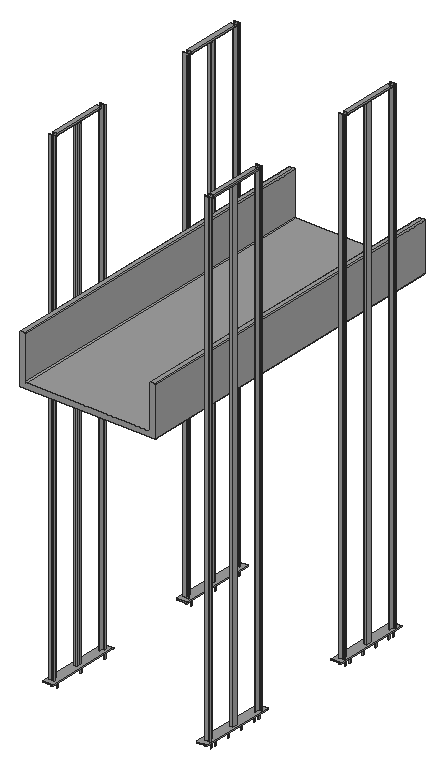
Revit family "SE_Trez_TC_4C_3000_With_Pit", category Specialty Equipment, Revit 2019
Family settings
  Round Connector Dimension = Use Diameter
  Part Type = Normal
  Work Plane-Based = No
  Always vertical = Yes
  Cut with Voids When Loaded = Yes
  Shared = No
  Room Calculation Point = No
Parameters (values of type "Platform-2000x5400mm with Door Height 2500mm")
  Shaft = TREZ_Shaft_Space
  Safe Working Load = 3000.00 kg  # constant formula
  Safe Space = if(Cabin or Platform = Cabin, 900.0 mm, if(and(Cabin or Platform = Platform, Door Clear Height > 1900.0 mm), 600.0 mm, 0.0 mm))  # 600.0 mm
  Platform = Speciality_Equipment_Trez_Platform : Platform
  Door Clear Width = Clear Width  # 2000.0 mm
  Door Clear Height = 2500.0 mm
  Clear Width = 2000.0 mm
  URL = "https://trez.bg/en/products/goods-only-lift-tc/tc-4c-four-cylinder-lift/"
  Shaft Width = Real Width + 2 * Clearance  # 2740.0 mm
  Shaft Depth = Real Depth + 100.0 mm  # 5500.0 mm
  Tower Cladding Material = TREZ_Steel_Cladding
  Real Width = if(Clear Width < 1300.0 mm, 1300.0 mm, if(Clear Width > 2000.0 mm, 2000.0 mm, Clear Width))  # 2000.0 mm
  Real Depth = if(Clear Depth < 2600.0 mm, 2600.0 mm, if(Clear Depth > 5400.0 mm, 5400.0 mm, Clear Depth))  # 5400.0 mm
  Profiles Material = TREZ_Steel
  Platform Material = TREZ_Steel
  Pit Height = 250.0 mm  # constant formula
  Travel = 4500.0 mm
  Rail Height = Travel + Pit Height + Headroom  # 7850.0 mm
  Model = "TC 4C 3000"
  Manufacturer = "TREZ Ltd."
  Headroom = Door Clear Height + Safe Space  # 3100.0 mm
  Description = "Hydraulic goods only lift with four cylinders. "  # constant formula
  Clear Depth = 5400.0 mm
  Created By URL = "https://all1studio.com/"
  Created By = "All 1 Studio Ltd."
  Clearance = 370.0 mm  # constant formula
  Cabin or Platform Back = no
  Cabin or Platform = Speciality_Equipment_Trez_Platform : Platform
  Cabin = Speciality_Equipment_Trez_Cabin : Cabin
Reference planes
  plane 1 "Center (Front/Back)": y = 0
  plane 2: z = 0
  plane 3 "Center (Left/Right)": x = 0
  plane 4: x = -1000
  plane 5: x = 1000
  plane 6: y = 2700
  plane 7: y = -2700
  plane 8: x = 1370
  plane 9: x = -1370
  plane 10: y = 2750
  plane 11: y = -2750
  plane 12: z = 4500
  plane 13 "Top of Lift": z = 7600
  plane 14 "Pit": z = -250
  plane 15: x = -1238.5
  plane 16: x = 1238.5
  plane 17: z = 7540
  plane 18: z = 40
  plane 19: z = -145
  plane 20: y = 1350
  plane 21: y = -1350
Forms (mm)
  Extrusion 1, void
    sketch origin (0, 0, 0) x (1, 0, 0) y (0, 1, 0)
      loop
        line (1370, 2750) -> (-1370, 2750) -> (-1370, -2750) -> (1370, -2750) -> (1370, 2750)
    from 0 to -250
Lines and regions (mm)
  symbolic lines, style "Platform"
    curve 1: line (-1000, 2700, 0) -> (1000, 2700, 0)
    curve 2: line (-1000, -2700, 0) -> (-1000, 2700, 0)
    curve 3: line (1000, -2700, 0) -> (-1000, -2700, 0)
    curve 4: line (1000, 2700, 0) -> (1000, -2700, 0)
    curve 5: line (-1000, 2700, 0) -> (1000, -2700, 0)
    curve 6: line (1000, 2700, 0) -> (-1000, -2700, 0)
  symbolic lines, style "Shaft Volume"
    curve 7: line (-1370, 2750, 0) -> (1370, 2750, 0)
    curve 8: line (-1370, -2750, 0) -> (-1370, 2750, 0)
    curve 9: line (1370, -2750, 0) -> (-1370, -2750, 0)
    curve 10: line (1370, 2750, 0) -> (1370, -2750, 0)
    curve 11: line (-1370, 0, 7600) -> (1370, 0, 7600)
    curve 12: line (-1370, 0, 0) -> (-1370, 0, 7600)
    curve 13: line (1370, 0, 0) -> (-1370, 0, 0)
    curve 14: line (1370, 0, 7600) -> (1370, 0, 0)
    curve 15: line (0, 2750, 7600) -> (0, -2750, 7600)
    curve 16: line (0, 2750, 0) -> (0, 2750, 7600)
    curve 17: line (0, -2750, 0) -> (0, 2750, 0)
    curve 18: line (0, -2750, 7600) -> (0, -2750, 0)
Dimensions and locks
  equal spacing: plane 4, plane 3 "Center (Left/Right)", plane 5
  "Real Width": plane 4 to plane 5
  equal spacing: plane 7, plane 1 "Center (Front/Back)", plane 6
  "Real Depth": plane 7 to plane 6
  "Travel": plane 12 to level
  "Pit Height": level to plane 14 "Pit"
  "Headroom": plane 13 "Top of Lift" to plane 12
  locked: plane 13 "Top of Lift" to plane 17 at 60
  locked: plane 18 to level at 40
  locked: level to plane 19 at 145
  locked: plane 7 to plane 11 at 50
  locked: plane 6 to plane 10 at 50
  locked: plane 9 to plane 15 at 131.5
  locked: plane 16 to plane 8 at 131.5
  "Clearance": plane 5 to plane 8
  "Clearance": plane 9 to plane 4
  equal spacing: plane 1 "Center (Front/Back)", plane 20, plane 6
  equal spacing: plane 7, plane 21, plane 1 "Center (Front/Back)"
  aligned and locked: level to plane 2
  aligned and locked: Extrusion 1 to plane 14 "Pit"
  aligned and locked: plane 1 "Center (Front/Back)" to nested 1
  aligned and locked: nested 1 to plane 3 "Center (Left/Right)"
  aligned and locked: plane 12 to nested 1
  aligned and locked: plane 10 to curve 7
  aligned and locked: curve 8 to plane 9
  aligned and locked: plane 11 to curve 9
  aligned and locked: curve 10 to plane 8
  aligned and locked: curve 11 to plane 13 "Top of Lift"
  aligned and locked: plane 9 to curve 12
  aligned and locked: level to curve 13
  aligned and locked: plane 8 to curve 14
  aligned and locked: plane 13 "Top of Lift" to curve 15
  aligned and locked: curve 16 to plane 10
  aligned and locked: curve 17 to level
  aligned and locked: curve 18 to plane 11
  aligned and locked: Extrusion 1 sketch curve to plane 10
  aligned and locked: Extrusion 1 sketch curve to plane 8
  aligned and locked: Extrusion 1 sketch curve to plane 11
  aligned and locked: Extrusion 1 sketch curve to plane 9
  aligned and locked: plane 15 to nested 2
  aligned and locked: nested 3 to plane 16
  aligned and locked: plane 21 to nested 3
  aligned and locked: nested 2 to plane 21
  aligned and locked: nested 5 to plane 16
  aligned and locked: plane 15 to nested 4
  aligned and locked: nested 5 to plane 20
  aligned and locked: plane 20 to nested 4
  aligned and locked: plane 14 "Pit" to nested 3
  aligned and locked: nested 2 to plane 14 "Pit"
  aligned and locked: nested 4 to plane 14 "Pit"
  aligned and locked: plane 14 "Pit" to nested 5
Automatic sketch dimensions
  curve 3 to plane 4 = 0.0 mm
  curve 4 to plane 5 = 0.0 mm
  curve 3 to plane 7 = 0.0 mm
  plane 6 to curve 2 = 0.0 mm
Nested families
  nested 1: "Speciality_Equipment_Trez_Platform" at (0, 0, 4500), type <- "Cabin or Platform", type "Platform"
    with Width 2000.0 mm, Depth 5400.0 mm, Back Board no
  nested 2: "Generic_Model_Trez_Rails" at (-1238.5, -1350, -250), type "Rails"
    with Height 7850.0 mm
  nested 3: "Generic_Model_Trez_Rails" at (1238.5, -1350, -250) x (-1, 0, 0) z (0, 0, 1), type "Rails"
    with Height 7850.0 mm
  nested 4: "Generic_Model_Trez_Rails" at (-1238.5, 1350, -250), type "Rails"
    with Height 7850.0 mm
  nested 5: "Generic_Model_Trez_Rails" at (1238.5, 1350, -250) x (-1, 0, 0) z (0, 0, 1), type "Rails"
    with Height 7850.0 mm
Definition of nested family "Speciality_Equipment_Trez_Platform"
  Parameters (values of type "Speciality_Equipment_Trez_Platform")
    Width = 3600.0 mm
    Platform Material = none
    Depth = 2900.0 mm
    Back Board = yes
  Reference planes
    plane 1 "Center (Front/Back)": y = 0
    plane 2 "Bottom": z = 0
    plane 3 "Center (Left/Right)": x = 0
    plane 4: x = 1800
    plane 5: x = -1800
    plane 6: y = 1450
    plane 7: y = -1450
    plane 8: x = -1889
    plane 9: x = 1889
    plane 10: y = 1485
    plane 11: z = -89
    plane 12: z = 709
  Forms (mm)
    Extrusion 1, solid, material <- "Platform Material", visible <- "Back Board"
      sketch origin (0, 0, 0) x (1, 0, 0) y (0, 1, 0)
        loop
          line (-1889, 1485) -> (-1889, 1450) -> (1889, 1450) -> (1889, 1485) -> (-1889, 1485)
      from 0 to 709
    Extrusion 2, solid, material <- "Platform Material", detail levels coarse+medium
      sketch origin (0, 0, 0) x (1, 0, 0) y (0, 0, 1)
        loop
          line (-1800, 709) -> (-1889, 709) -> (-1889, -89) -> (1889, -89) -> (1889, 709) -> (1800, 709) -> (1800, 0) -> (-1800, 0) -> (-1800, 709)
      from -1450 to 1450
    Extrusion 3, solid, material <- "Platform Material", detail levels fine
      sketch origin (0, 0, 0) x (1, 0, 0) y (0, 0, 1)
        loop
          arc (-1874, 709) -> (-1884.607, 704.607) -> (-1889, 694) r 15
          line (-1889, 694) -> (-1889, -74)
          arc (-1889, -74) -> (-1884.607, -84.607) -> (-1874, -89) r 15
          line (-1874, -89) -> (1874, -89)
          arc (1874, -89) -> (1884.607, -84.607) -> (1889, -74) r 15
          line (1889, -74) -> (1889, 694)
          arc (1889, 694) -> (1884.607, 704.607) -> (1874, 709) r 15
          line (1874, 709) -> (1815, 709)
          arc (1815, 709) -> (1804.393, 704.607) -> (1800, 694) r 15
          line (1800, 694) -> (1800, 15)
          arc (1800, 15) -> (1795.607, 4.393) -> (1785, 0) r 15
          line (1785, 0) -> (-1785, 0)
          arc (-1785, 0) -> (-1795.607, 4.393) -> (-1800, 15) r 15
          line (-1800, 15) -> (-1800, 694)
          arc (-1800, 694) -> (-1804.393, 704.607) -> (-1815, 709) r 15
          line (-1815, 709) -> (-1874, 709)
      from -1450 to 1450
  Dimensions and locks
    equal spacing: plane 5, plane 3 "Center (Left/Right)", plane 4
    "Width": plane 5 to plane 4
    equal spacing: plane 7, plane 1 "Center (Front/Back)", plane 6
    "Depth": plane 6 to plane 7
    locked: plane 8 to plane 5 at 89
    locked: plane 4 to plane 9 at 89
    locked: plane 10 to plane 6 at 35
    locked: plane 2 "Bottom" to plane 11 at 89
    locked: plane 12 to plane 2 "Bottom" at 709
    aligned and locked: level to plane 2 "Bottom"
    aligned and locked: Extrusion 1 sketch curve to plane 10
    aligned and locked: plane 8 to Extrusion 1 sketch curve
    aligned and locked: plane 5 to Extrusion 2 sketch curve
    aligned and locked: plane 8 to Extrusion 2 sketch curve
    aligned and locked: Extrusion 2 sketch curve to plane 9
    aligned and locked: Extrusion 2 sketch curve to plane 4
    aligned and locked: Extrusion 2 sketch curve to plane 2 "Bottom"
    aligned and locked: Extrusion 2 sketch curve to plane 11
    aligned and locked: Extrusion 2 sketch curve to plane 12
    aligned and locked: Extrusion 2 to plane 6
    aligned and locked: Extrusion 2 to plane 7
    aligned and locked: Extrusion 3 sketch curve to plane 12
    aligned and locked: plane 8 to Extrusion 3 sketch curve
    aligned and locked: plane 5 to Extrusion 3 sketch curve
    aligned and locked: Extrusion 3 sketch curve to plane 4
    aligned and locked: Extrusion 3 sketch curve to plane 9
    aligned and locked: Extrusion 3 sketch curve to plane 2 "Bottom"
    aligned and locked: Extrusion 3 sketch curve to plane 11
    aligned and locked: Extrusion 3 to plane 7
    aligned and locked: Extrusion 3 to plane 6
  Automatic sketch dimensions
    plane 12 to Extrusion 2 sketch curve = 0.0 mm
    Extrusion 1 sketch curve to plane 6 = 0.0 mm
    Extrusion 1 sketch curve to plane 9 = 0.0 mm
    Extrusion 3 sketch curve to plane 12 = 0.0 mm
    Extrusion 3 sketch curve to Extrusion 3 sketch curve = 15.0 mm  (x4)
    plane 5 to Extrusion 3 sketch curve = 15.0 mm
    Extrusion 3 sketch curve to plane 4 = 15.0 mm
    plane 4 to Extrusion 3 sketch curve = 15.0 mm
    Extrusion 3 sketch curve to plane 9 = 15.0 mm
Definition of nested family "Generic_Model_Trez_Rails"
  Parameters (values of type "SE_Trez_Rails")
    Profiles Material = none
    Height = 8720.0 mm
  Reference planes
    plane 1 "Center (Front/Back)": y = 0
    plane 2: z = 0
    plane 3 "Center (Left/Right)": x = 0
    plane 4: x = 87.2
    plane 5: x = -87.2
    plane 6: y = 607.5
    plane 7: y = -607.5
    plane 8: z = 8720
    plane 9: z = 15
    plane 10: z = 8685
    plane 11: z = -95
  Forms (mm)
    Extrusion 1, solid, material <- "Profiles Material", detail levels fine
      sketch origin (0, 0, 0) x (1, 0, 0) y (0, 1, 0)
        loop
          line (77.2, 607.5) -> (-77.2, 607.5)
          arc (-77.2, 607.5) -> (-84.271, 604.571) -> (-87.2, 597.5) r 10
          line (-87.2, 597.5) -> (-87.2, -597.5)
          arc (-87.2, -597.5) -> (-84.271, -604.571) -> (-77.2, -607.5) r 10
          line (-77.2, -607.5) -> (77.2, -607.5)
          arc (77.2, -607.5) -> (84.271, -604.571) -> (87.2, -597.5) r 10
          line (87.2, -597.5) -> (87.2, 597.5)
          arc (87.2, 597.5) -> (84.271, 604.571) -> (77.2, 607.5) r 10
      from 0 to 15
    Extrusion 2, solid, material <- "Profiles Material", detail levels fine
      sketch origin (0, 0, 0) x (1, 0, 0) y (0, 1, 0)
        loop
          line (-61.5, -517.5) -> (28.5, -517.5) -> (28.5, -509.5) -> (-3.5, -509.5)
          arc (-3.5, -509.5) -> (-7.036, -508.036) -> (-8.5, -504.5) r 5
          line (-8.5, -504.5) -> (-8.5, -442.5) -> (-24.5, -442.5) -> (-24.5, -504.5)
          arc (-24.5, -504.5) -> (-25.964, -508.036) -> (-29.5, -509.5) r 5
          line (-29.5, -509.5) -> (-61.5, -509.5) -> (-61.5, -517.5)
        loop
          line (-37.94, -40) -> (-1.94, -40)
          arc (-1.94, -40) -> (8.667, -35.607) -> (13.06, -25) r 15
          line (13.06, -25) -> (13.06, 25)
          arc (13.06, 25) -> (8.667, 35.607) -> (-1.94, 40) r 15
          line (-1.94, 40) -> (-37.94, 40) -> (-37.94, -40)
        loop
          line (-61.5, 517.5) -> (-61.5, 509.5) -> (-29.5, 509.5)
          arc (-29.5, 509.5) -> (-25.964, 508.036) -> (-24.5, 504.5) r 5
          line (-24.5, 504.5) -> (-24.5, 442.5) -> (-8.5, 442.5) -> (-8.5, 504.5)
          arc (-8.5, 504.5) -> (-7.036, 508.036) -> (-3.5, 509.5) r 5
          line (-3.5, 509.5) -> (28.5, 509.5) -> (28.5, 517.5) -> (-61.5, 517.5)
      from 15 to 8720
    Extrusion 3, solid, material <- "Profiles Material", detail levels fine
      sketch origin (0, 0, 0) x (1, 0, 0) y (0, 0, 1)
        loop
          line (-51.5, 8720) -> (-51.5, 8690)
          arc (-51.5, 8690) -> (-50.036, 8686.464) -> (-46.5, 8685) r 5
          line (-46.5, 8685) -> (13.5, 8685)
          arc (13.5, 8685) -> (17.036, 8686.464) -> (18.5, 8690) r 5
          line (18.5, 8690) -> (18.5, 8720) -> (-51.5, 8720)
      from -442.5 to 442.5
    Extrusion 4, solid, material <- "Profiles Material", detail levels coarse+medium
      sketch origin (0, 0, 0) x (1, 0, 0) y (0, 1, 0)
        loop
          line (87.2, 607.5) -> (-87.2, 607.5) -> (-87.2, -607.5) -> (87.2, -607.5) -> (87.2, 607.5)
      from 0 to 15
    Extrusion 5, solid, material <- "Profiles Material", detail levels coarse+medium
      sketch origin (0, 0, 0) x (1, 0, 0) y (0, 1, 0)
        loop
          line (-61.5, -517.5) -> (28.5, -517.5) -> (28.5, -442.5) -> (-61.5, -442.5) -> (-61.5, -517.5)
        loop
          line (-37.94, -40) -> (13.06, -40) -> (13.06, 40) -> (-37.94, 40) -> (-37.94, -40)
        loop
          line (-61.5, 517.5) -> (-61.5, 442.5) -> (28.5, 442.5) -> (28.5, 517.5) -> (-61.5, 517.5)
      from 15 to 8720
    Extrusion 6, solid, material <- "Profiles Material", detail levels coarse+medium
      sketch origin (0, 0, 0) x (1, 0, 0) y (0, 0, 1)
        loop
          line (-51.5, 8720) -> (-51.5, 8690)
          arc (-51.5, 8690) -> (-50.036, 8686.464) -> (-46.5, 8685) r 5
          line (-46.5, 8685) -> (13.5, 8685)
          arc (13.5, 8685) -> (17.036, 8686.464) -> (18.5, 8690) r 5
          line (18.5, 8690) -> (18.5, 8720) -> (-51.5, 8720)
      from -442.5 to 442.5
    Extrusion 7, solid, material <- "Profiles Material", detail levels fine
      sketch origin (0, 0, 0) x (1, 0, 0) y (0, 1, 0)
        loop
          circle (46.2, 480) r 7.5
        loop
          circle (-43.8, 480) r 7.5
        loop
          circle (-43.8, 390) r 7.5
        loop
          circle (46.2, -480) r 7.5
        loop
          circle (-43.8, -480) r 7.5
        loop
          circle (-43.8, -390) r 7.5
        loop
          circle (-43.8, -130) r 7.5
        loop
          circle (-43.8, 130) r 7.5
        loop
          circle (46.2, 0.052) r 7.5
      from -95 to 0
  Cuts and joins
    joined: Extrusion 2, Extrusion 3
    joined: Extrusion 5, Extrusion 6
  Lines and regions (mm)
    symbolic lines
      curve 1: line (28.5, 442.5, 0) -> (-61.5, 442.5, 0)
      curve 2: line (28.5, 517.5, 0) -> (28.5, 442.5, 0)
      curve 3: line (-61.5, 517.5, 0) -> (28.5, 517.5, 0)
      curve 4: line (-61.5, 442.5, 0) -> (-61.5, 517.5, 0)
      curve 5: line (13.06, 40, 0) -> (-37.94, 40, 0)
      curve 6: line (13.06, -40, 0) -> (13.06, 40, 0)
      curve 7: line (-37.94, -40, 0) -> (13.06, -40, 0)
      curve 8: line (-37.94, 40, 0) -> (-37.94, -40, 0)
      curve 9: line (28.5, -442.5, 0) -> (-61.5, -442.5, 0)
      curve 10: line (28.5, -517.5, 0) -> (28.5, -442.5, 0)
      curve 11: line (-61.5, -517.5, 0) -> (28.5, -517.5, 0)
      curve 12: line (-61.5, -442.5, 0) -> (-61.5, -517.5, 0)
      curve 13: line (87.2, -607.5, 0) -> (-87.2, -607.5, 0)
      curve 14: line (87.2, 607.5, 0) -> (87.2, -607.5, 0)
      curve 15: line (-87.2, 607.5, 0) -> (87.2, 607.5, 0)
      curve 16: line (-87.2, -607.5, 0) -> (-87.2, 607.5, 0)
  Dimensions and locks
    equal spacing: plane 5, plane 3 "Center (Left/Right)", plane 4
    plane 5 to plane 4 = 174.4 mm
    equal spacing: plane 6, plane 1 "Center (Front/Back)", plane 7
    plane 7 to plane 6 = 1215.0 mm
    "Height": plane 8 to plane 2
    locked: plane 9 to plane 2 at 15
    locked: plane 8 to Extrusion 3 sketch curve at 35
    locked: plane 8 to plane 10 at 35
    locked: plane 2 to plane 11 at 95
    aligned and locked: level to plane 2
    aligned and locked: Extrusion 1 sketch curve to plane 6
    aligned and locked: plane 4 to Extrusion 1 sketch curve
    aligned and locked: Extrusion 1 sketch curve to plane 7
    aligned and locked: plane 5 to Extrusion 1 sketch curve
    aligned and locked: plane 8 to Extrusion 2
    aligned and locked: Extrusion 1 to plane 9
    aligned and locked: plane 9 to Extrusion 2
    aligned and locked: Extrusion 4 sketch curve to plane 6
    aligned and locked: plane 4 to Extrusion 4 sketch curve
    aligned and locked: Extrusion 4 sketch curve to plane 7
    aligned and locked: plane 5 to Extrusion 4 sketch curve
    aligned and locked: Extrusion 4 to plane 9
    aligned and locked: Extrusion 4 to plane 2
    aligned and locked: plane 8 to Extrusion 5
    aligned and locked: plane 8 to Extrusion 3 sketch curve
    aligned and locked: Extrusion 3 to Extrusion 5  (x2)
    aligned and locked: Extrusion 7 to plane 11
    aligned and locked: plane 2 to Extrusion 7
  Automatic sketch dimensions
    Extrusion 2 sketch curve to plane 5 = 25.7 mm  (x2)
    Extrusion 2 sketch curve to plane 3 "Center (Left/Right)" = 29.5 mm  (x2)
    Extrusion 2 sketch curve to Extrusion 2 sketch curve = 5.0 mm
    Extrusion 2 sketch curve to plane 3 "Center (Left/Right)" = 24.5 mm
    Extrusion 2 sketch curve to plane 3 "Center (Left/Right)" = 8.5 mm  (x2)
    Extrusion 2 sketch curve to plane 3 "Center (Left/Right)" = 3.5 mm  (x2)
    Extrusion 2 sketch curve to plane 3 "Center (Left/Right)" = 1.94 mm  (x2)
    Extrusion 2 sketch curve to Extrusion 2 sketch curve = 15.0 mm
    plane 3 "Center (Left/Right)" to Extrusion 2 sketch curve = 28.5 mm  (x2)
    plane 7 to Extrusion 2 sketch curve = 90.0 mm
    Extrusion 2 sketch curve to Extrusion 2 sketch curve = 8.0 mm  (x3)
    Extrusion 2 sketch curve to Extrusion 2 sketch curve = 62.0 mm  (x2)
    Extrusion 2 sketch curve to plane 1 "Center (Front/Back)" = 25.0 mm
    plane 6 to Extrusion 2 sketch curve = 165.0 mm
    Extrusion 2 sketch curve to Extrusion 2 sketch curve = 0.0 mm
    Extrusion 2 sketch curve to plane 3 "Center (Left/Right)" = 37.94 mm
    plane 1 "Center (Front/Back)" to Extrusion 2 sketch curve = 40.0 mm
    Extrusion 3 sketch curve to Extrusion 3 sketch curve = 5.0 mm  (x2)
    plane 3 "Center (Left/Right)" to Extrusion 3 sketch curve = 13.5 mm
    Extrusion 3 sketch curve to plane 5 = 40.7 mm
    Extrusion 1 sketch curve to plane 5 = 10.0 mm
    Extrusion 1 sketch curve to Extrusion 1 sketch curve = 10.0 mm
    Extrusion 1 sketch curve to plane 4 = 10.0 mm  (x2)
    Extrusion 5 sketch curve to plane 5 = 25.7 mm  (x2)
    Extrusion 5 sketch curve to plane 3 "Center (Left/Right)" = 37.94 mm
    plane 3 "Center (Left/Right)" to Extrusion 5 sketch curve = 28.5 mm  (x2)
    plane 3 "Center (Left/Right)" to Extrusion 5 sketch curve = 13.06 mm
    plane 7 to Extrusion 5 sketch curve = 90.0 mm
    plane 1 "Center (Front/Back)" to Extrusion 5 sketch curve = 40.0 mm
    plane 6 to Extrusion 5 sketch curve = 165.0 mm
    Extrusion 5 sketch curve to Extrusion 5 sketch curve = 75.0 mm  (x2)
    Extrusion 5 sketch curve to plane 1 "Center (Front/Back)" = 40.0 mm
    Extrusion 6 sketch curve to plane 8 = 0.0 mm
    Extrusion 6 sketch curve to plane 10 = 0.0 mm
    plane 10 to Extrusion 6 sketch curve = 5.0 mm  (x2)
    Extrusion 6 sketch curve to plane 5 = 35.7 mm
    plane 3 "Center (Left/Right)" to Extrusion 6 sketch curve = 13.5 mm
    curve 16 to plane 5 = 0.0 mm
    curve 15 to plane 4 = 0.0 mm
    curve 13 to plane 7 = 0.0 mm
    plane 6 to curve 15 = 0.0 mm
    curve 3 to plane 5 = 25.7 mm
    curve 12 to plane 5 = 25.7 mm
    curve 5 to plane 3 "Center (Left/Right)" = 37.94 mm
    plane 3 "Center (Left/Right)" to curve 5 = 13.06 mm
    plane 3 "Center (Left/Right)" to curve 11 = 28.5 mm
    plane 3 "Center (Left/Right)" to curve 2 = 28.5 mm
    plane 7 to curve 11 = 90.0 mm
    curve 10 to curve 10 = 75.0 mm
    plane 1 "Center (Front/Back)" to curve 7 = 40.0 mm
    curve 5 to plane 1 "Center (Front/Back)" = 40.0 mm
    plane 6 to curve 2 = 165.0 mm
    curve 1 to curve 3 = 75.0 mm
    Extrusion 7 sketch curve to plane 5 = 43.4 mm  (x6)
    Extrusion 7 sketch curve to plane 4 = 41.0 mm  (x3)
    plane 7 to Extrusion 7 sketch curve = 127.5 mm
    Extrusion 7 sketch curve to Extrusion 7 sketch curve = 0.0 mm  (x2)
    Extrusion 7 sketch curve to Extrusion 7 sketch curve = 90.0 mm  (x2)
    plane 6 to Extrusion 7 sketch curve = 217.5 mm
    Extrusion 7 sketch curve to plane 1 "Center (Front/Back)" = 0.052 mm
    plane 1 "Center (Front/Back)" to Extrusion 7 sketch curve = 130.0 mm
    Extrusion 7 sketch curve to plane 1 "Center (Front/Back)" = 130.0 mm
    radius of Extrusion 7 sketch curve = 7.5 mm  (x9)
